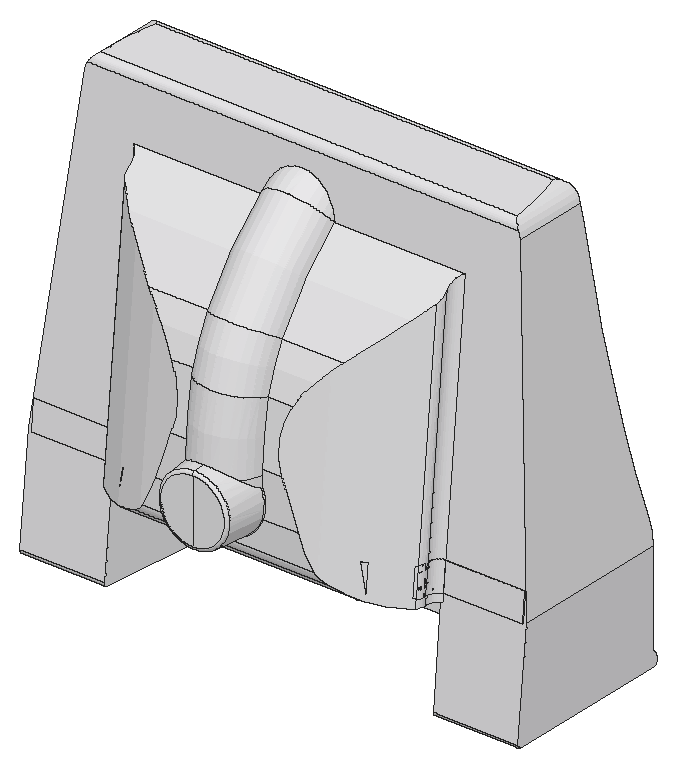
Revit family "Sink-Wall_Mount-KOHLER-Chesapeake-K-1728", category Plumbing Fixtures, host Face, Revit 2015
Parameters (values of type "0-White")
  Width = 17 1/4"  # constant formula
  Waste Water Outlet = "Waste Water Outlet"  # constant formula
  Waste Connection = 1 = 1  # yes
  Vent Connection = 1 = 0  # no
  URL = "https://www.us.kohler.com/us/"
  Type = 1
  Product Page URL = "http://www.us.kohler.com/us/catalog/productDetails.jsp?productNumber=1728"
  Product Name = "Chesapeake"  # constant formula
  Product Documentation Link = "http://www.us.kohler.com/onlinecatalog/pdf/K-1728_spec.pdf"
  Model = if(Type = 1, "K-1728-0", if(Type = 2, "K-1728-96", if(Type = 3, "K-1728-47", "NA")))  # "K-1728-0"
  Material = "Vitreous China"  # constant formula
  MasterFormat 2004 = "22.41.16"  # constant formula
  MasterFormat 1995 = "15410"  # constant formula
  Manufacturer Address = "444 Highland Dr, Kohler, WI 53044"  # constant formula
  Manufacturer = "KOHLER Co."  # constant formula
  Length = 19 1/4"  # constant formula
  Hot Water Inlet = "Hot Water Inlet"  # constant formula
  Height = 10 3/8"  # constant formula
  HW Connection = 1 = 0  # no
  Finish = Kohler-Vitreous_China-0-White
  Environmental Product Declaration = ""
  Drain Included = 1 = 0  # no
  Description = "19-1/4 inch x 17-1/4 inch wall-mount/concealed arm carrier arm bathroom sink with 4 inch centerset faucet holes"  # constant formula
  Default Elevation = 34"
  Declare Label = ""
  Date Modified = "10/03/2018"  # constant formula
  Date Created = "10/03/2018"  # constant formula
  Copyright = "Copyright KOHLER Co."  # constant formula
  Contact Us = "https://www.us.kohler.com/us/static/contact.jsp"
  Cold Water Inlet = "Cold Water Inlet"  # constant formula
  CW Connection = 1 = 0  # no
  Assembly Code = "D2010400"
  ADA Compliant = 1 = 1  # yes
Types (4): name | Type | Model | Finish | Environmental Product Declaration
  (no name) | 1 | "K-1728-0" | Kohler-Vitreous_China-0-White | ""
  0-White | 1 | "K-1728-0" | Kohler-Vitreous_China-0-White | ""
  96-Biscuit | 2 | "K-1728-96" | Kohler-Vitreous_China-96-Biscuit | ""
  47-Almond | 3 | "K-1728-47" | Kohler-Vitreous_China-47-Almond | "https://www.us.kohler.com/webassets/kpna/catalog/pdf/en/K-1722.pdf"
Reference planes (in)
  plane 1 "Center (Front/Back)": y = 0
  plane 2: z = 0
  plane 3 "Center (Left/Right)": x = 0
  plane 4: x = -9.625
  plane 5: x = 9.625
  plane 6: z = 17.25
  plane 7: y = 2.25
  plane 8: y = -8.125
Dimensions and locks (in)
  equal spacing: plane 4, plane 3 "Center (Left/Right)", plane 5
  "Height": plane 7 to plane 8
  "Length": plane 5 to plane 4
  "Width": level to plane 6
  aligned and locked: plane 2 to host face
  aligned and locked: level to host face
Automatic sketch dimensions
  host sketch curve to host sketch curve = 96"  (x2)
Nested families (in)
  nested 1: "K-1728" at (0, 2.05987, 0) x (1, 0, 0) z (0, 1, 0), type "K-1728"
Connectors (in)
  piping at (0, -8.125, 6.5), diameter 1.25, driven by "Waste Water Outlet", driven by "Waste Connection"
    settings: on nested 1, index 1, connector inside diameter 24", connector length 0", flow factor 0, pipe flow 0 GPM, pressure drop 0.00 psi, fitting loss kfactor 0, connector angle 0.00°, fixture units 0, engagement length 0", angle of deflection 0.00°, flow configuration 0, flow direction 2, fitting loss method 0, system type 16, joint type 0, gender type 0, connector reference index -1, connector utility 1, adjustable connector no, is connector primary yes, connector description "Waste Water Outlet"
Definition of nested family "K-1728"
  Parameters (values of type "K-1728")
    Material = none
    Default Elevation = 48"
  Reference planes (in)
    plane 1 "Center (Front/Back)": y = 0
    plane 2: z = 0
    plane 3 "Center (Left/Right)": x = 0
    plane 4: x = -9.625
    plane 5: x = 9.625
    plane 6: y = -17.25
    plane 7: z = 0.19013
    plane 8: z = -10.18487
    plane 9: y = -2.5
    plane 10: y = -6.5
    plane 11: x = -2
    plane 12: x = 2
    plane 13: z = -2.05987
    plane 14: z = -0.05987
  Forms (in)
    Extrusion 1, solid, material <- "Material", detail levels medium+fine
      sketch origin (0, 0, 0) x (0, 1, 0) y (0, 0, 1)
        loop
          arc (0, 0.05857) -> (-0.03853, 0.1516) -> (-0.13156, 0.19013) r 0.13156
          line (-0.13156, 0.19013) -> (-0.29977, 0.19013)
          spline (-0.29977, 0.19013) -> (-0.35155, 0.18354) -> (-0.38941, 0.16793) -> (-0.41881, 0.14948) -> (-0.44399, 0.13132) -> (-0.46769, 0.11283) -> (-0.49257, 0.09316) -> (-0.52069, 0.07183) -> (-0.55125, 0.05027) -> (-0.58253, 0.03049) -> (-0.61306, 0.01448) -> (-0.64442, 0.00385) -> (-0.68, 0)
          line (-0.68, 0) -> (-4.21338, 0)
          arc (-4.21338, 0) -> (-4.7217, -0.04258) -> (-5.21537, -0.17102) r 2.98737
          arc (-5.21537, -0.17102) -> (-10.46476, -1.53943) -> (-15.87, -2) r 31.94841
          line (-15.87, -2) -> (-16.91897, -2)
          arc (-16.91897, -2) -> (-17.15856, -2.10418) -> (-17.24577, -2.35045) r 0.3276
          line (-17.24577, -2.35045) -> (-17.09286, -4.53714)
          arc (-17.09286, -4.53714) -> (-17.0025, -4.73928) -> (-16.80305, -4.83545) r 0.32238
          line (-16.80305, -4.83545) -> (-14.70796, -5.043)
          arc (-14.70796, -5.043) -> (-13.37768, -6.44653) -> (-11.81212, -7.58166) r 10.47683
          arc (-11.81212, -7.58166) -> (-10.97932, -7.98956) -> (-10.09247, -8.26051) r 5.84052
          arc (-10.09247, -8.26051) -> (-8.92147, -8.45876) -> (-7.73664, -8.54067) r 12.04042
          arc (-7.73664, -8.54067) -> (-6.86448, -8.55179) -> (-5.99225, -8.55079) r 62.81012
          arc (-5.99225, -8.55079) -> (-5.39902, -8.53111) -> (-4.80753, -8.48172) r 11.83888
          arc (-4.80753, -8.48172) -> (-4.61441, -8.43454) -> (-4.44016, -8.33886) r 0.75944
          arc (-4.44016, -8.33886) -> (-3.98439, -7.80107) -> (-3.8207, -7.1154) r 1.51791
          line (-3.8207, -7.1154) -> (-3.8207, -6.12151) -> (-0.14295, -6.48584)
          arc (-0.14295, -6.48584) -> (-0.04276, -6.45279) -> (0, -6.35636) r 0.13012
          line (0, -6.35636) -> (0, 0.05857)
      from -10.14877 to 9.69137
    Sweep 2, void, detail levels medium+fine
      path origin (0, 0, 0) x (1, 0, 0) y (0, 1, 0)
        loop
          line (-6.84167, -4.3614) -> (-6.84167, -10.54517)
          arc (-6.84167, -10.54517) -> (-6.8178, -12.05778) -> (-6.74619, -13.56888) r 47.92582
          arc (-6.74619, -13.56888) -> (-6.27584, -14.56785) -> (-5.24918, -14.97424) r 1.5
          line (-5.24918, -14.97424) -> (5.25075, -14.97424)
          arc (5.25075, -14.97424) -> (6.27741, -14.56785) -> (6.74776, -13.56888) r 1.5
          arc (6.74776, -13.56888) -> (6.81937, -12.05778) -> (6.84324, -10.54517) r 47.92582
          line (6.84324, -10.54517) -> (6.84324, -4.3614)
      profile origin (-6.74619, -13.56888, 0) x (0.998008, 0.063091, 0) y (0, 0, 1)
        loop
          arc (-2.52213, 0.03634) -> (-1.66066, -0.93749) -> (-0.75406, -1.86945) r 27.45772
          arc (-0.75406, -1.86945) -> (-0.51788, -2.17348) -> (-0.37126, -2.52946) r 1.43174
          line (-0.37126, -2.52946) -> (-0.0369, -2.52946) -> (-0.0369, 0.79268) -> (-2.52213, 0.79268) -> (-2.52213, 0.03634)
    Extrusion 3, void, detail levels medium+fine
      sketch origin (0, 0, 0) x (1, 0, 0) y (0, 1, 0)
        loop
          line (-7.21293, -4.4459) -> (-7.21293, -10.54517)
          arc (-7.21293, -10.54517) -> (-7.18887, -12.0695) -> (-7.11671, -13.5923) r 48.29708
          arc (-7.11671, -13.5923) -> (-6.52994, -14.83852) -> (-5.24918, -15.3455) r 1.87126
          line (-5.24918, -15.3455) -> (5.25075, -15.3455)
          arc (5.25075, -15.3455) -> (6.53151, -14.83852) -> (7.11828, -13.5923) r 1.87126
          arc (7.11828, -13.5923) -> (7.19044, -12.0695) -> (7.2145, -10.54517) r 48.29708
          line (7.2145, -10.54517) -> (7.2145, -4.4459) -> (-7.21293, -4.4459)
      from 0 to -2.52946
    Blend 4, void, detail levels medium+fine
      base sketch origin (0, 0, 0) x (1, 0, 0) y (0, 1, 0)
        loop
          arc (-1.11999, -8.15763) -> (0, -8.50064) -> (1.11999, -8.15763) r 2
          arc (1.11999, -8.15763) -> (1.31478, -8.00774) -> (1.48972, -7.83508) r 2
          arc (1.48972, -7.83508) -> (1.89207, -7.14877) -> (1.99504, -6.35989) r 2
          arc (1.99504, -6.35989) -> (1.8964, -5.86529) -> (1.67716, -5.41108) r 2
          spline (1.67716, -5.41108) -> (1.64901, -5.37046) -> (1.6182, -5.33117) -> (1.58473, -5.29321) -> (1.5486, -5.25658) -> (1.50981, -5.22127) -> (1.46836, -5.1873) -> (1.42425, -5.15466) -> (1.37747, -5.12334) -> (1.32804, -5.09336) -> (1.27595, -5.0647) -> (1.2212, -5.03737) -> (1.16379, -5.01137)
          arc (1.16379, -5.01137) -> (0, -4.8053) -> (-1.16379, -5.01137) r 3.38923
          spline (-1.16379, -5.01137) -> (-1.2212, -5.03737) -> (-1.27595, -5.0647) -> (-1.32804, -5.09336) -> (-1.37747, -5.12334) -> (-1.42425, -5.15466) -> (-1.46836, -5.1873) -> (-1.50981, -5.22127) -> (-1.5486, -5.25658) -> (-1.58473, -5.29321) -> (-1.6182, -5.33117) -> (-1.64901, -5.37046) -> (-1.67716, -5.41108)
          arc (-1.67716, -5.41108) -> (-1.8964, -5.86529) -> (-1.99504, -6.35989) r 2
          arc (-1.99504, -6.35989) -> (-1.89207, -7.14877) -> (-1.48972, -7.83508) r 2
          arc (-1.48972, -7.83508) -> (-1.31478, -8.00774) -> (-1.11999, -8.15763) r 2
      top sketch origin (0, 0, 0) x (1, 0, 0) y (0, 1, 0)
        loop
          line (7.2145, -10.54517) -> (7.2145, -4.89655)
          arc (7.2145, -4.89655) -> (7.05776, -4.51814) -> (6.67935, -4.3614) r 0.53516
          line (6.67935, -4.3614) -> (-6.6772, -4.3614)
          arc (-6.6772, -4.3614) -> (-7.05602, -4.51831) -> (-7.21293, -4.89713) r 0.53573
          line (-7.21293, -4.89713) -> (-7.21293, -10.54517)
          arc (-7.21293, -10.54517) -> (-7.18887, -12.0695) -> (-7.11671, -13.5923) r 48.29708
          arc (-7.11671, -13.5923) -> (-6.52994, -14.83852) -> (-5.24918, -15.3455) r 1.87126
          line (-5.24918, -15.3455) -> (5.25075, -15.3455)
          arc (5.25075, -15.3455) -> (6.53151, -14.83852) -> (7.11828, -13.5923) r 1.87126
          arc (7.11828, -13.5923) -> (7.19044, -12.0695) -> (7.2145, -10.54517) r 48.29708
      from -7.78936 to -2.52946
    Extrusion 5, void, detail levels medium+fine
      sketch origin (0, 0, 0) x (1, 0, 0) y (0, 1, 0)
        loop
          line (-9.6268, 0.12058) -> (-12.55504, 0.12058) -> (-12.55504, -18.00394) -> (12.55504, -18.00394) -> (12.55504, 0.12058) -> (9.6268, 0.12058) -> (9.6268, -4.20716)
          arc (9.6268, -4.20716) -> (9.32754, -10.39819) -> (8.43252, -16.53149) r 64.18746
          arc (8.43252, -16.53149) -> (8.12335, -17.05009) -> (7.55504, -17.25394) r 0.89412
          line (7.55504, -17.25394) -> (-7.55504, -17.25394)
          arc (-7.55504, -17.25394) -> (-8.12335, -17.05009) -> (-8.43252, -16.53149) r 0.89412
          arc (-8.43252, -16.53149) -> (-9.32754, -10.39819) -> (-9.6268, -4.20716) r 64.18746
          line (-9.6268, -4.20716) -> (-9.6268, 0.12058)
      from -8.74222 to 0.82629
    Sweep 6, void, detail levels medium+fine
      path origin (0, 0, 0) x (0, 1, 0) y (0, 0, 1)
        loop
          line (-18.33697, -4.6835) -> (1.89265, -6.68749)
      profile origin (0, -8.22216, -5.6855) x (0, 0.09858, 0.995129) y (1, 0, 0)
        loop
          line (0, 9.87216) -> (-6.75, 9.87216) -> (-6.75, -9.87216) -> (0, -9.87216) -> (0, -6.40153)
          arc (0, -6.40153) -> (-0.19488, -6.18897) -> (-0.47926, -6.14113) r 0.44361
          arc (-0.47926, -6.14113) -> (-0.66813, -6.1236) -> (-0.82399, -6.01551) r 0.37326
          arc (-0.82399, -6.01551) -> (-3.04567, 0) -> (-0.82399, 6.01551) r 9.25478
          arc (-0.82399, 6.01551) -> (-0.66813, 6.1236) -> (-0.47926, 6.14113) r 0.37326
          arc (-0.47926, 6.14113) -> (-0.19488, 6.18897) -> (0, 6.40153) r 0.44361
          line (0, 6.40153) -> (0, 9.87216)
    Revolve 7, solid, material <- "Material", detail levels medium+fine
      sketch origin (0, 0, 0) x (0, 1, 0) y (0, 0, 1)
        loop
          arc (-5.26717, -10.18487) -> (-5.18377, -10.15244) -> (-5.1442, -10.07219) r 0.12344
          line (-5.1442, -10.07219) -> (-5.01486, -8.59382)
          arc (-5.01486, -8.59382) -> (-4.97973, -8.52259) -> (-4.90571, -8.49381) r 0.10957
          line (-4.90571, -8.49381) -> (-6.5, -8.49381) -> (-6.5, -10.18487) -> (-5.26717, -10.18487)
        axis (-6.5, -8.49381) -> (-6.5, -10.18487)
      angle from 0 to 360
    Sweep 8, solid, material <- "Material", detail levels medium+fine
      path origin (0, 0, 0) x (0, 1, 0) y (0, 0, 1)
        loop
          arc (-15.23855, -3.9403) -> (-15.03351, -4.52065) -> (-14.70796, -5.043) r 2.83273
          arc (-14.70796, -5.043) -> (-13.37768, -6.44653) -> (-11.81212, -7.58166) r 10.47683
          arc (-11.81212, -7.58166) -> (-10.97932, -7.98956) -> (-10.09247, -8.26051) r 5.84052
          arc (-10.09247, -8.26051) -> (-8.80372, -8.47217) -> (-7.49963, -8.543) r 12.04042
          line (-7.49963, -8.543) -> (-6.44261, -8.543)
      profile origin (0, -7.49963, -8.543) x (0, 0, 1) y (1, 0, 0)
        loop
          line (0.08594, -1.38782) -> (0.08594, 1.38782)
          arc (0.08594, 1.38782) -> (-1.12076, 0) -> (0.08594, -1.38782) r 1.40141
    Extrusion 9, void
      sketch origin (0, 0, 0) x (1, 0, 0) y (0, 0, 1)
        loop
          line (5.06309, -1.43) -> (-5.06267, -1.43)
          arc (-5.06267, -1.43) -> (-5.63794, -1.65077) -> (-5.9178, -2.19973) r 0.85987
          line (-5.9178, -2.19973) -> (-6.63424, -8.99632) -> (6.63422, -8.99632) -> (5.91773, -2.19929)
          arc (5.91773, -2.19929) -> (5.63803, -1.65065) -> (5.06309, -1.43) r 0.85938
      from 0 to 3.8207
    Extrusion 10, solid, material <- "Material", detail levels medium+fine
      sketch origin (0, 0, 0) x (0, 1, 0) y (0, 0, 1)
        loop
          line (-4.12867, 0) -> (-4.4042, 0)
          arc (-4.4042, 0) -> (-4.7783, -0.14925) -> (-4.94692, -0.51502) r 0.54346
          line (-4.94692, -0.51502) -> (-5.3286, -7.79797) -> (-4.12867, -7.79797) -> (-4.12867, 0)
      from -9.50399 to 9.48449
    Extrusion 11, void, detail levels medium+fine
      sketch origin (0, 0, 0) x (1, 0, 0) y (0, 1, 0)
        loop
          circle (0, -2.5) r 0.625
        loop
          circle (-2, -2.5) r 0.625
        loop
          circle (2, -2.5) r 0.625
      from 1.11186 to -3.58282
    Revolve 12, void, detail levels medium+fine
      sketch origin (0, 0, 0) x (0, 1, 0) y (0, 0, 1)
        loop
          line (-5.63446, -9.68131) -> (-5.63446, -7.98306)
          arc (-5.63446, -7.98306) -> (-5.57772, -7.84609) -> (-5.44075, -7.78936) r 0.1937
          line (-5.44075, -7.78936) -> (-6.5, -7.78936) -> (-6.5, -9.68131) -> (-5.63446, -9.68131)
        axis (-6.5, -7.78936) -> (-6.5, -9.68131)
      angle from 0 to 360
    Revolve 13, solid, detail levels medium+fine
      sketch origin (0, 0, 0) x (0, 1, 0) y (0, 0, 1)
        loop
          line (-6.4999, -8.26476) -> (-5.95933, -8.26476)
          arc (-5.95933, -8.26476) -> (-5.84165, -8.17885) -> (-5.74237, -8.0722) r 0.76592
          arc (-5.74237, -8.0722) -> (-5.65851, -7.9572) -> (-5.58034, -7.83825) r 2.92351
          arc (-5.58034, -7.83825) -> (-5.58874, -7.76509) -> (-5.6619, -7.7567) r 0.0592
          arc (-5.6619, -7.7567) -> (-5.85075, -7.92105) -> (-5.9787, -8.13623) r 0.79005
          line (-5.9787, -8.13623) -> (-6.42853, -8.13623) -> (-6.42853, -7.70472) -> (-5.7497, -7.70472) -> (-5.62242, -7.52294)
          arc (-5.62242, -7.52294) -> (-5.61699, -7.48016) -> (-5.64919, -7.45148) r 0.04627
          arc (-5.64919, -7.45148) -> (-6.07139, -7.37374) -> (-6.4999, -7.3477) r 3.53841
          line (-6.4999, -7.3477) -> (-6.4999, -8.26476)
        axis (-6.4999, -7.3477) -> (-6.4999, -8.26476)
      angle from 0 to 360
    Extrusion 14, solid, material <- "Material", detail levels coarse
      sketch origin (0, 0, 0) x (1, 0, 0) y (0, 1, 0)
        loop
          arc (-9.6268, -4.20716) -> (-9.32754, -10.39819) -> (-8.43252, -16.53149) r 64.18746
          arc (-8.43252, -16.53149) -> (-8.16871, -17.0101) -> (-7.67563, -17.24577) r 0.89412
          line (-7.67563, -17.24577) -> (7.67563, -17.24577)
          arc (7.67563, -17.24577) -> (8.16871, -17.0101) -> (8.43252, -16.53149) r 0.89412
          arc (8.43252, -16.53149) -> (9.32754, -10.39819) -> (9.6268, -4.20716) r 64.18746
          line (9.6268, -4.20716) -> (9.6268, 0) -> (-9.6268, 0) -> (-9.6268, -4.20716)
      from -8.65988 to 0.19013
    Extrusion 15, void, detail levels medium+fine
      sketch origin (0, 0.0625, 0.0625) x (0, 1, 0) y (0, 0, 1)
        loop
          arc (-5.21537, -0.17102) -> (-4.7217, -0.04258) -> (-4.21338, 0) r 2.98737
          line (-4.21338, 0) -> (0.53662, 0) -> (0.53662, 0.79071) -> (-18.46338, 0.79071) -> (-18.46338, -2) -> (-15.87, -2)
          arc (-15.87, -2) -> (-10.46476, -1.53943) -> (-5.21537, -0.17102) r 31.94841
      from -10.94569 to 12
    Extrusion 16, void, detail levels coarse
      sketch origin (0, 0, 0) x (1, 0, 0) y (0, 1, 0)
        loop
          arc (-7.21293, -10.54517) -> (-7.18887, -12.0695) -> (-7.11671, -13.5923) r 48.29708
          arc (-7.11671, -13.5923) -> (-6.52994, -14.83852) -> (-5.24918, -15.3455) r 1.87126
          line (-5.24918, -15.3455) -> (5.25075, -15.3455)
          arc (5.25075, -15.3455) -> (6.53151, -14.83852) -> (7.11828, -13.5923) r 1.87126
          arc (7.11828, -13.5923) -> (7.19044, -12.0695) -> (7.2145, -10.54517) r 48.29708
          line (7.2145, -10.54517) -> (7.2145, -4.89713) -> (-7.21293, -4.89713) -> (-7.21293, -10.54517)
      from -7.78936 to 1.21013
    Extrusion 17, solid, material <- "Material", detail levels coarse
      sketch origin (0, 0, 0) x (1, 0, 0) y (0, 1, 0)
        loop
          circle (0, -6.4999) r 1.5
      from -10.18487 to -8.65988
    Extrusion 18, void
      sketch origin (0, 0, -0.125) x (1, 0, 0) y (0, 0, 1)
        loop
          circle (0, -3.08771) r 0.5
      from 13.52112 to 16.26763
  Cuts and joins
    Sweep 2, Extrusion 3, Blend 4, Extrusion 5, Sweep 6, Extrusion 9, Extrusion 11, Revolve 12, Extrusion 18 cuts Extrusion 1
    Revolve 12, Extrusion 18 cuts Revolve 7
    Revolve 12, Extrusion 18 cuts Sweep 8
    joined: Extrusion 1, Revolve 7, Sweep 8
    Sweep 6 cuts Extrusion 10
    Extrusion 9, Extrusion 11, Extrusion 15, Extrusion 16, Extrusion 18 cuts Extrusion 14
    joined: Extrusion 14, Extrusion 17
  Lines and regions (in)
    Masking region 1
      outline origin (0, 0, 0) x (1, 0, 0) y (0, 1, 0)
        loop
          line (9.625, 0) -> (-9.625, 0) -> (-9.625, -4.21139)
          arc (-9.625, -4.21139) -> (-9.32573, -10.40242) -> (-8.43072, -16.53573) r 64.18746
          arc (-8.43072, -16.53573) -> (-8.1669, -17.01433) -> (-7.67383, -17.25) r 0.89412
          line (-7.67383, -17.25) -> (7.67383, -17.25)
          arc (7.67383, -17.25) -> (8.1669, -17.01433) -> (8.43072, -16.53573) r 0.89412
          arc (8.43072, -16.53573) -> (9.32573, -10.40242) -> (9.625, -4.21139) r 64.18746
          line (9.625, -4.21139) -> (9.625, 0)
    Masking region 2
      outline origin (0, 0, 0) x (1, 0, 0) y (0, 0, 1)
        loop
          arc (-9.37499, 0.19013) -> (-9.55125, 0.11742) -> (-9.62499, -0.05841) r 0.25
          arc (-9.62499, -0.05841) -> (-9.58694, -3.10916) -> (-9.4372, -6.15647) r 83.30275
          arc (-9.4372, -6.15647) -> (-9.32774, -6.38703) -> (-9.09034, -6.48071) r 0.34766
          line (-9.09034, -6.48071) -> (-6.36958, -6.48071)
          arc (-6.36958, -6.48071) -> (-6.2683, -6.42725) -> (-6.22204, -6.32248) r 0.17433
          line (-6.22204, -6.32248) -> (-6.21576, -6.26294)
          arc (-6.21576, -6.26294) -> (-6.10491, -6.48108) -> (-5.96351, -6.6808) r 1.67868
          arc (-5.96351, -6.6808) -> (-5.56641, -7.13335) -> (-5.14183, -7.56022) r 9.64079
          arc (-5.14183, -7.56022) -> (-4.84443, -7.79401) -> (-4.50974, -7.97032) r 2.08894
          arc (-4.50974, -7.97032) -> (-3.80462, -8.20667) -> (-3.07321, -8.3412) r 5.25899
          line (-3.07321, -8.3412) -> (-1.49193, -8.51766) -> (-1.35639, -10.06699)
          arc (-1.35639, -10.06699) -> (-1.31498, -10.15094) -> (-1.22774, -10.18487) r 0.12914
          line (-1.22774, -10.18487) -> (1.22774, -10.18487)
          arc (1.22774, -10.18487) -> (1.31498, -10.15094) -> (1.35639, -10.06699) r 0.12914
          line (1.35639, -10.06699) -> (1.49193, -8.51766) -> (3.07321, -8.3412)
          arc (3.07321, -8.3412) -> (3.80462, -8.20667) -> (4.50974, -7.97032) r 5.25899
          arc (4.50974, -7.97032) -> (4.84443, -7.79401) -> (5.14183, -7.56022) r 2.08894
          arc (5.14183, -7.56022) -> (5.56641, -7.13335) -> (5.96351, -6.6808) r 9.64079
          arc (5.96351, -6.6808) -> (6.10491, -6.48108) -> (6.21576, -6.26294) r 1.67868
          line (6.21576, -6.26294) -> (6.22204, -6.32248)
          arc (6.22204, -6.32248) -> (6.2683, -6.42725) -> (6.36958, -6.48071) r 0.17433
          line (6.36958, -6.48071) -> (9.0913, -6.48071)
          arc (9.0913, -6.48071) -> (9.328, -6.38731) -> (9.43713, -6.15744) r 0.34662
          arc (9.43713, -6.15744) -> (9.58692, -3.10965) -> (9.62498, -0.05841) r 83.30275
          arc (9.62498, -0.05841) -> (9.55125, 0.11742) -> (9.37499, 0.19013) r 0.25
          line (9.37499, 0.19013) -> (-9.37499, 0.19013)
    Masking region 3
      outline origin (0, 0, 0) x (0, 1, 0) y (0, 0, 1)
        loop
          line (0, -6.35636) -> (0, 0.05857)
          arc (0, 0.05857) -> (-0.03853, 0.1516) -> (-0.13156, 0.19013) r 0.13156
          line (-0.13156, 0.19013) -> (-0.29977, 0.19013)
          spline (-0.29977, 0.19013) -> (-0.35155, 0.18354) -> (-0.38941, 0.16793) -> (-0.41881, 0.14948) -> (-0.44399, 0.13132) -> (-0.46769, 0.11283) -> (-0.49257, 0.09316) -> (-0.52069, 0.07183) -> (-0.55125, 0.05027) -> (-0.58253, 0.03049) -> (-0.61306, 0.01448) -> (-0.64442, 0.00385) -> (-0.68, 0)
          line (-0.68, 0) -> (-4.21338, 0)
          arc (-4.21338, 0) -> (-4.7217, -0.04258) -> (-5.21537, -0.17102) r 2.98737
          arc (-5.21537, -0.17102) -> (-10.71745, -1.58432) -> (-16.37821, -2.05987) r 33.92975
          line (-16.37821, -2.05987) -> (-16.91904, -2.05987)
          arc (-16.91904, -2.05987) -> (-17.15863, -2.16405) -> (-17.24584, -2.41032) r 0.3276
          line (-17.24584, -2.41032) -> (-17.09712, -4.53714)
          arc (-17.09712, -4.53714) -> (-17.00675, -4.73928) -> (-16.80731, -4.83545) r 0.32238
          line (-16.80731, -4.83545) -> (-15.74581, -4.94061)
          arc (-15.74581, -4.94061) -> (-15.48624, -5.74757) -> (-15.00715, -6.44689) r 2.93894
          arc (-15.00715, -6.44689) -> (-13.77693, -7.5994) -> (-12.39286, -8.56172) r 11.61604
          arc (-12.39286, -8.56172) -> (-11.39763, -9.04919) -> (-10.33779, -9.37299) r 6.97973
          arc (-10.33779, -9.37299) -> (-9.239, -9.56693) -> (-8.12775, -9.66724) r 13.17963
          arc (-8.12775, -9.66724) -> (-7.95096, -9.74337) -> (-7.86789, -9.91701) r 0.27396
          line (-7.86789, -9.91701) -> (-7.85462, -10.06865)
          arc (-7.85462, -10.06865) -> (-7.81381, -10.15142) -> (-7.72779, -10.18487) r 0.12731
          line (-7.72779, -10.18487) -> (-5.27409, -10.18487)
          arc (-5.27409, -10.18487) -> (-5.18654, -10.15082) -> (-5.14499, -10.06657) r 0.1296
          line (-5.14499, -10.06657) -> (-5.00809, -8.50182)
          arc (-5.00809, -8.50182) -> (-4.90777, -8.4922) -> (-4.80753, -8.48172) r 11.83888
          arc (-4.80753, -8.48172) -> (-4.61441, -8.43454) -> (-4.44016, -8.33886) r 0.75944
          arc (-4.44016, -8.33886) -> (-3.98439, -7.80107) -> (-3.8207, -7.1154) r 1.51791
          line (-3.8207, -7.1154) -> (-3.8207, -6.12151) -> (-0.14295, -6.48584)
          arc (-0.14295, -6.48584) -> (-0.04276, -6.45279) -> (0, -6.35636) r 0.13012
    symbolic lines, detail levels medium+fine
      curve 1: line (-5.24918, -15.61139, 0) -> (-7.44958, -13.61335, 0)
      curve 2: line (5.25075, -15.61139, 0) -> (-5.24918, -15.61139, 0)
      curve 3: line (7.44924, -13.61507, 0) -> (5.25075, -15.61139, 0)
      curve 4: circle (0, -6.4999, 0) r 0.875 normal (0, 0, 1)
      curve 5: line (-9.6268, -0.68, 0) -> (9.6268, -0.68, 0)
      curve 6: line (-0.5, -14.09744, 0) -> (0.5, -14.09745, 0)
      curve 7: line (0.5, -14.09745, 0) -> (-0.5, -14.09744, 0)
      curve 8: line (0, -15.74588, -4.94018) -> (0, -0.14295, -6.48584)
      curve 9: arc (0, -5.99225, -8.55079) -> (0, -5.39902, -8.53111) -> (0, -4.80753, -8.48172) r 11.83888
      curve 10: arc (0, -7.73664, -8.54067) -> (0, -6.86448, -8.55179) -> (0, -5.99225, -8.55079) r 62.81012
      curve 11: arc (0, -7.73664, -8.54067) -> (0, -8.92147, -8.45876) -> (0, -10.09247, -8.26051) r 12.04042
      curve 12: arc (0, -11.81212, -7.58166) -> (0, -10.97932, -7.98956) -> (0, -10.09247, -8.26051) r 5.84052
      curve 13: arc (0, -14.70796, -5.043) -> (0, -13.37768, -6.44653) -> (0, -11.81212, -7.58166) r 10.47683
      curve 14: arc (-8.27717, -5.69063, 0) -> (-8.03204, -9.66961, 0) -> (-7.44958, -13.61335, 0) r 46.85618
      curve 15: arc (-6.57998, -5.48871, 0) -> (-6.82143, -9.54545, 0) -> (-6.73471, -13.60845, 0) r 50.31716
      curve 16: arc (-7.06413, -4.41745, 0) -> (-0.00001, -4.31362, 0) -> (7.06411, -4.41733, 0) r 240.48429
      curve 17: arc (6.57993, -5.48819, 0) -> (6.82143, -9.54528, 0) -> (6.7347, -13.60862, 0) r 50.31716
      curve 18: arc (-5.33411, -14.94153, 0) -> (-0.00067, -14.97473, 0) -> (5.33278, -14.94266, 0) r 435.86929
      curve 19: arc (-6.73471, -13.60845, 0) -> (-6.29615, -14.54998, 0) -> (-5.33411, -14.94153, 0) r 1.42084
      curve 20: arc (6.7347, -13.60862, 0) -> (6.29571, -14.55094, 0) -> (5.33278, -14.94266, 0) r 1.42188
      curve 21: arc (-5.37509, -4.37374, 0) -> (-6.18874, -4.70299, 0) -> (-6.57998, -5.48871, 0) r 1.23876
      curve 22: arc (5.37548, -4.37365, 0) -> (6.18883, -4.70276, 0) -> (6.57993, -5.48819, 0) r 1.23828
      curve 23: arc (8.27718, -5.6905, 0) -> (8.03196, -9.67042, 0) -> (7.44924, -13.61507, 0) r 46.85618
      curve 24: arc (-8.27717, -5.69063, 0) -> (-7.93239, -4.80466, 0) -> (-7.06413, -4.41745, 0) r 1.25
      curve 25: arc (7.06411, -4.41733, 0) -> (7.93239, -4.80453, 0) -> (8.27718, -5.6905, 0) r 1.25
      curve 26: circle (0, -2.5, 0) r 0.625 normal (0, 0, 1)
      curve 27: circle (-2, -2.5, 0) r 0.625 normal (0, 0, 1)
      curve 28: circle (2, -2.5, 0) r 0.625 normal (0, 0, 1)
      curve 29: arc (-9.625, 0, -0.37306) -> (-9.50916, 0, -1.24598) -> (-9.17302, 0, -2.05987) r 3.39974
      curve 30: arc (-9.17302, 0, -2.05987) -> (-9.0609, 0, -2.19379) -> (-8.90958, 0, -2.281) r 0.50023
      curve 31: arc (-8.90958, 0, -2.281) -> (-8.69419, 0, -2.34648) -> (-8.47315, 0, -2.38914) r 2.15593
      curve 32: arc (-8.46966, 0, -2.31144) -> (-8.43552, 0, -3.39517) -> (-8.22429, 0, -4.45865) r 6.59528
      curve 33: line (-8.7118, 0, 0.19013) -> (-8.7118, 0, -0.55987)
      curve 34: arc (-8.7118, 0, -0.55987) -> (-8.55971, 0, -1.36533) -> (-8.1244, 0, -2.05987) r 2.20893
      curve 35: line (-8.7118, 0, 0.19013) -> (-6.82382, 0, -2.05987)
      curve 36: arc (9.625, 0, -0.37306) -> (9.50916, 0, -1.24598) -> (9.17302, 0, -2.05987) r 3.39974
      curve 37: arc (9.17302, 0, -2.05987) -> (9.0609, 0, -2.19379) -> (8.90958, 0, -2.281) r 0.50023
      curve 38: arc (8.90958, 0, -2.281) -> (8.69419, 0, -2.34648) -> (8.47315, 0, -2.38914) r 2.15593
      curve 39: arc (8.46969, 0, -2.31203) -> (8.43554, 0, -3.39502) -> (8.22453, 0, -4.4578) r 6.59528
      curve 40: line (8.7118, 0, 0.19013) -> (8.7118, 0, -0.55987)
      curve 41: arc (8.7118, 0, -0.55987) -> (8.55971, 0, -1.36533) -> (8.1244, 0, -2.05987) r 2.20893
      curve 42: line (8.7118, 0, 0.19013) -> (6.82382, 0, -2.05987)
      curve 43: arc (-8.50202, 0, -0.05987) -> (0, 0, 0) -> (8.50202, 0, -0.05987) r 603.70993
      curve 44: line (-8.20497, 0, -2.05987) -> (8.20441, 0, -2.05987)
      curve 45: arc (-8.20497, 0, -2.05987) -> (-8.38755, 0, -2.1328) -> (-8.46966, 0, -2.31144) r 0.26503
      curve 46: arc (8.20441, 0, -2.05987) -> (8.38741, 0, -2.13297) -> (8.46969, 0, -2.31203) r 0.26562
      curve 47: arc (-3.06336, 0, -4.6958) -> (-0.00789, 0, -4.60741) -> (3.04758, 0, -4.6958) r 52.85478
      curve 48: arc (-6.84922, 0, -4.86056) -> (-4.9557, 0, -4.79176) -> (-3.06336, 0, -4.6958) r 132.0478
      curve 49: arc (6.84922, 0, -4.86056) -> (4.9557, 0, -4.79176) -> (3.06336, 0, -4.6958) r 132.0478
      curve 50: line (-3.06336, 0, -4.6958) -> (-7.90987, 0, -4.6958)
      curve 51: line (3.04758, 0, -4.6958) -> (7.90903, 0, -4.6958)
      curve 52: arc (-8.22429, 0, -4.45865) -> (-8.10679, 0, -4.62987) -> (-7.90987, 0, -4.6958) r 0.32701
      curve 53: arc (8.22453, 0, -4.4578) -> (8.10663, 0, -4.62963) -> (7.90903, 0, -4.6958) r 0.32812
      curve 54: arc (-6.84922, 0, -4.86056) -> (-6.70722, 0, -4.90991) -> (-6.63396, 0, -5.04119) r 0.21133
      curve 55: arc (-6.63396, 0, -5.04119) -> (-6.48134, 0, -5.6714) -> (-6.21576, 0, -6.26294) r 3.52135
      curve 56: arc (-7.20309, 0, -4.6958) -> (-7.04565, 0, -4.82006) -> (-6.84922, 0, -4.86056) r 0.43534
      curve 57: arc (-7.90987, 0, -4.6958) -> (-8.60257, 0, -5.52049) -> (-9.09034, 0, -6.48071) r 4.7213
      curve 58: arc (6.84922, 0, -4.86056) -> (6.70722, 0, -4.90991) -> (6.63396, 0, -5.04119) r 0.21133
      curve 59: arc (6.63396, 0, -5.04119) -> (6.48134, 0, -5.6714) -> (6.21576, 0, -6.26294) r 3.52135
      curve 60: arc (7.20309, 0, -4.6958) -> (7.04565, 0, -4.82006) -> (6.84922, 0, -4.86056) r 0.43534
      curve 61: arc (7.90987, 0, -4.6958) -> (8.60257, 0, -5.52049) -> (9.09034, 0, -6.48071) r 4.7213
      curve 62: line (-1.49193, 0, -8.20168) -> (-1.49193, 0, -4.62825)
      curve 63: line (1.49193, 0, -8.20168) -> (1.49193, 0, -4.62869)
      curve 64: arc (1.49193, 0, -8.20168) -> (0, 0, -9.69361) -> (-1.49193, 0, -8.20168) r 1.49193
  Dimensions and locks (in)
    plane 4 to plane 3 "Center (Left/Right)" = 9 5/8"
    plane 3 "Center (Left/Right)" to plane 5 = 9 5/8"
    plane 4 to plane 5 = 19 1/4"
    plane 6 to plane 1 "Center (Front/Back)" = 17 1/4"
    locked: plane 7 to plane 8 at 10.375
    aligned and locked: plane 2 to level
